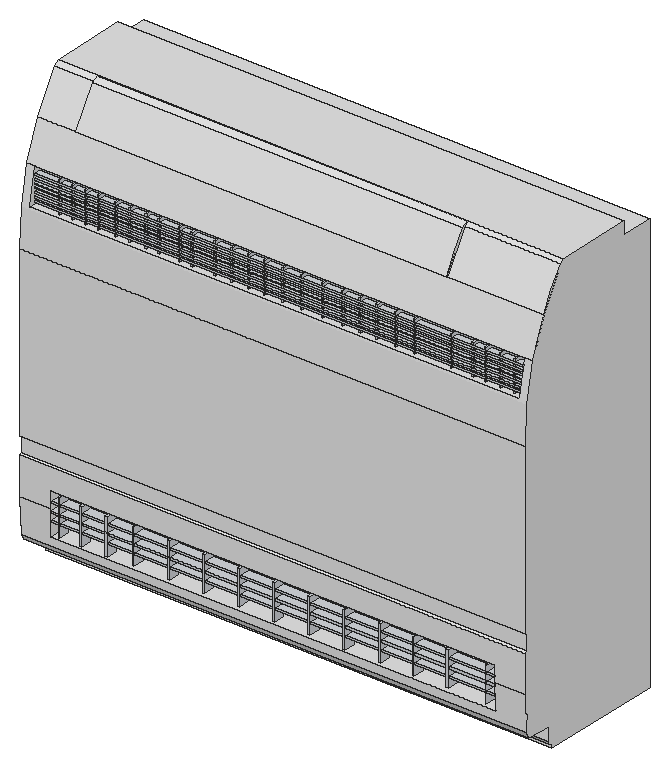
Revit family "GMV-ND07、09、12、18CA-T(U)", category 机械设备, Revit 2014
Parameters (values of type "GMV-ND18C/A-T(U)")
  壳体 = 外壳体
  liquid pipe（mm） = 6.4 mm
  gas pipe（mm） = 12.7 mm
  drain pipe（mm） = 28 mm
  Width（mm） = 214.921 mm
  Length（mm） = 700 mm
  Height（mm） = 599.997 mm
  Heating Capacity = 5800 W
  Cooling capacity = 5300 W
Types (5, lengths in mm): name | gas pipe（mm） | Heating Capacity | Cooling capacity
  (no name) | 12.7 | 5800 W | 5300 W
  GMV-ND07C/A-T(U) | 9.5 | 2500 W | 2200 W
  GMV-ND09C/A-T(U) | 9.5 | 3200 W | 2800 W
  GMV-ND12C/A-T(U) | 12.7 | 4000 W | 3500 W
  GMV-ND18C/A-T(U) | 12.7 | 5800 W | 5300 W
Reference planes
  plane 1 "中心(前/后)": y = 0
  plane 2: z = 0
  plane 3 "中心(左/右)": x = 0
Forms (mm)
  Extrusion 1, solid, material "外壳体"
    sketch origin (-349.982, 0, 0) x (0, 1, 0) y (0, 0, 1)
      loop
        line (0, 582.695) -> (-45, 582.695) -> (-45, 599.997) -> (-148.308, 598.194) -> (-154.086, 594.441)
        spline (-154.086, 594.441) -> (-157.078, 590.213) -> (-159.978, 585.989) -> (-162.788, 581.77) -> (-165.507, 577.556) -> (-168.136, 573.346) -> (-170.673, 569.14) -> (-173.12, 564.94) -> (-175.475, 560.744) -> (-177.74, 556.552) -> (-179.914, 552.365) -> (-181.998, 548.183) -> (-183.99, 544.005)
        spline (-183.99, 544.005) -> (-185.825, 539.831) -> (-187.608, 535.67) -> (-189.337, 531.524) -> (-191.014, 527.392) -> (-192.637, 523.274) -> (-194.208, 519.171) -> (-195.725, 515.081) -> (-197.19, 511.006) -> (-198.602, 506.946) -> (-199.96, 502.899) -> (-201.266, 498.867) -> (-202.519, 494.849)
        arc (-202.519, 494.849) -> (-211.933, 444.738) -> (-214.921, 393.837) r 401.547
        line (-214.921, 393.837) -> (-214.921, 85.982)
        arc (-214.921, 85.982) -> (-214.355, 61.819) -> (-212.658, 37.71) r 515.998
        line (-212.658, 37.71) -> (-208.492, 30.494) -> (-175.258, 28.901) -> (-175.258, 10.238)
        arc (-175.258, 10.238) -> (-174.232, 7.763) -> (-171.757, 6.737) r 3.501
        line (-171.757, 6.737) -> (-170, 6.737) -> (-170, 0) -> (0, 0) -> (0, 582.695)
    from 0 to 700
  Extrusion 2, void
    sketch origin (0, 0, 0) x (1, 0, 0) y (0, 0, 1)
      loop
        line (-307.62, 108.813) -> (-307.62, 51.086) -> (307.38, 51.086) -> (307.38, 108.813) -> (-307.62, 108.813)
    from 99.876 to 218.388
  Extrusion 3, solid
    sketch origin (0, 0, 0) x (1, 0, 0) y (0, 0, 1)
      loop
        line (-306.827, 95.803) -> (-306.827, 93.041) -> (307.38, 93.041) -> (307.38, 95.803) -> (-306.827, 95.803)
      loop
        line (-306.827, 84.256) -> (-306.827, 80.949) -> (307.38, 80.949) -> (307.38, 84.256) -> (-306.827, 84.256)
      loop
        line (-306.827, 72.287) -> (-306.827, 69.828) -> (307.38, 69.828) -> (307.38, 72.287) -> (-306.827, 72.287)
    from 200.604 to 214.921
  Extrusion 4, solid
    sketch origin (0, 0, 0) x (1, 0, 0) y (0, 0, 1)
      loop
        line (-296.262, 103.942) -> (-296.262, 53.928) -> (-294.828, 53.928) -> (-294.828, 103.942) -> (-296.262, 103.942)
      loop
        line (-266.943, 103.942) -> (-266.943, 53.928) -> (-264.756, 53.928) -> (-264.756, 103.942) -> (-266.943, 103.942)
      loop
        line (-231.948, 103.942) -> (-231.948, 53.928) -> (-228.93, 53.928) -> (-228.93, 103.942) -> (-231.948, 103.942)
      loop
        line (-194.25, 103.942) -> (-194.25, 55.912) -> (-191.75, 55.912) -> (-191.75, 103.942) -> (-194.25, 103.942)
      loop
        line (-145.839, 103.942) -> (-145.839, 55.912) -> (-142.8, 55.912) -> (-142.8, 103.942) -> (-145.839, 103.942)
      loop
        line (-97, 103.942) -> (-97, 55.912) -> (-94.5, 55.912) -> (-94.5, 103.942) -> (-97, 103.942)
      loop
        line (294.7, 103.395) -> (294.7, 55.887) -> (295.705, 55.887) -> (295.705, 103.395) -> (294.7, 103.395)
      loop
        line (146.394, 103.395) -> (146.394, 55.887) -> (149.775, 55.887) -> (149.775, 103.395) -> (146.394, 103.395)
      loop
        line (97.5, 103.395) -> (97.5, 54.461) -> (100.463, 54.461) -> (100.463, 103.395) -> (97.5, 103.395)
      loop
        line (48.661, 103.395) -> (48.661, 55.887) -> (51.795, 55.887) -> (51.795, 103.395) -> (48.661, 103.395)
      loop
        line (0, 103.395) -> (0, 54.461) -> (2.75, 54.461) -> (2.75, 103.395) -> (0, 103.395)
      loop
        line (-48.589, 103.395) -> (-48.589, 56.907) -> (-45.558, 56.907) -> (-45.558, 103.395) -> (-48.589, 103.395)
      loop
        line (193.543, 103.395) -> (193.543, 55.887) -> (195.957, 55.887) -> (195.957, 103.395) -> (193.543, 103.395)
      loop
        line (239.998, 103.942) -> (239.998, 56.907) -> (243.455, 56.907) -> (243.455, 103.942) -> (239.998, 103.942)
    from 200.604 to 214.921
  Extrusion 5, void
    sketch origin (0, 0, 0) x (1, 0, 0) y (0, 0, 1)
      loop
        line (-339.209, 494.849) -> (-339.209, 447.601) -> (338.89, 447.601) -> (338.89, 494.849) -> (-339.209, 494.849)
    from 93.876 to 221.632
  Extrusion 6, solid
    sketch origin (0, 0, 0) x (1, 0, 0) y (0, 0, 1)
      loop
        line (-339.209, 486.799) -> (-339.209, 484.669) -> (338.89, 484.669) -> (338.89, 486.799) -> (-339.209, 486.799)
    from 195.643 to 205.086
  Extrusion 7, solid
    sketch origin (0, 0, -5.803) x (1, 0, 0) y (0, 0, 1)
      loop
        line (-339.209, 486.799) -> (-339.209, 484.669) -> (338.89, 484.669) -> (338.89, 486.799) -> (-339.209, 486.799)
    from 195.643 to 205.086
  Extrusion 8, solid
    sketch origin (0, 0, -11.302) x (1, 0, 0) y (0, 0, 1)
      loop
        line (-339.209, 486.799) -> (-339.209, 484.669) -> (338.89, 484.669) -> (338.89, 486.799) -> (-339.209, 486.799)
    from 195.643 to 205.086
  Extrusion 9, solid
    sketch origin (0, 0, -16.522) x (1, 0, 0) y (0, 0, 1)
      loop
        line (-339.209, 486.799) -> (-339.209, 484.669) -> (338.89, 484.669) -> (338.89, 486.799) -> (-339.209, 486.799)
    from 195.643 to 205.086
  Extrusion 10, solid
    sketch origin (0, 0, -22.298) x (1, 0, 0) y (0, 0, 1)
      loop
        line (-339.209, 486.799) -> (-339.209, 484.669) -> (338.89, 484.669) -> (338.89, 486.799) -> (-339.209, 486.799)
    from 195.643 to 205.086
  Extrusion 11, solid
    sketch origin (0, 0, -27.797) x (1, 0, 0) y (0, 0, 1)
      loop
        line (-339.209, 486.799) -> (-339.209, 484.669) -> (338.89, 484.669) -> (338.89, 486.799) -> (-339.209, 486.799)
    from 195.643 to 205.086
  Extrusion 12, solid
    sketch origin (0, 0, -33.022) x (1, 0, 0) y (0, 0, 1)
      loop
        line (-339.209, 486.799) -> (-339.209, 484.669) -> (338.89, 484.669) -> (338.89, 486.799) -> (-339.209, 486.799)
    from 195.643 to 205.086
  Extrusion 13, solid
    sketch origin (0, 0, 0) x (1, 0, 0) y (0, 0, 1)
      loop
        line (-305.65, 489.976) -> (-305.65, 447.601) -> (-303.66, 447.601) -> (-303.66, 489.976) -> (-305.65, 489.976)
    from 100 to 203.841
  Extrusion 14, solid
    sketch origin (18, 0, 0) x (1, 0, 0) y (0, 0, 1)
      loop
        line (-305.65, 489.976) -> (-305.65, 447.601) -> (-303.66, 447.601) -> (-303.66, 489.976) -> (-305.65, 489.976)
    from 100 to 203.841
  Extrusion 15, solid
    sketch origin (36.329, 0, 0) x (1, 0, 0) y (0, 0, 1)
      loop
        line (-305.65, 489.976) -> (-305.65, 447.601) -> (-303.66, 447.601) -> (-303.66, 489.976) -> (-305.65, 489.976)
    from 100 to 203.841
  Extrusion 16, solid
    sketch origin (54.612, 0, 0) x (1, 0, 0) y (0, 0, 1)
      loop
        line (-305.65, 489.976) -> (-305.65, 447.601) -> (-303.66, 447.601) -> (-303.66, 489.976) -> (-305.65, 489.976)
    from 100 to 203.841
  Extrusion 17, solid
    sketch origin (77.993, 0, 0) x (1, 0, 0) y (0, 0, 1)
      loop
        line (-305.65, 489.976) -> (-305.65, 447.601) -> (-303.66, 447.601) -> (-303.66, 489.976) -> (-305.65, 489.976)
    from 100 to 203.841
  Extrusion 18, solid
    sketch origin (97.993, 0, 0) x (1, 0, 0) y (0, 0, 1)
      loop
        line (-305.65, 489.976) -> (-305.65, 447.601) -> (-303.66, 447.601) -> (-303.66, 489.976) -> (-305.65, 489.976)
    from 100 to 203.841
  Extrusion 19, solid
    sketch origin (119.727, 0, 0) x (1, 0, 0) y (0, 0, 1)
      loop
        line (-305.65, 489.976) -> (-305.65, 447.601) -> (-303.66, 447.601) -> (-303.66, 489.976) -> (-305.65, 489.976)
    from 100 to 203.841
  Extrusion 20, solid
    sketch origin (137.799, 0, 0) x (1, 0, 0) y (0, 0, 1)
      loop
        line (-305.65, 489.976) -> (-305.65, 447.601) -> (-303.66, 447.601) -> (-303.66, 489.976) -> (-305.65, 489.976)
    from 100 to 203.841
  Extrusion 21, solid
    sketch origin (166.633, 0, 0) x (1, 0, 0) y (0, 0, 1)
      loop
        line (-305.65, 489.976) -> (-305.65, 447.601) -> (-303.66, 447.601) -> (-303.66, 489.976) -> (-305.65, 489.976)
    from 100 to 203.841
  Extrusion 22, solid
    sketch origin (183.965, 0, 0) x (1, 0, 0) y (0, 0, 1)
      loop
        line (-305.65, 489.976) -> (-305.65, 447.601) -> (-303.66, 447.601) -> (-303.66, 489.976) -> (-305.65, 489.976)
    from 100 to 203.841
  Extrusion 23, solid
    sketch origin (215.454, 0, 0) x (1, 0, 0) y (0, 0, 1)
      loop
        line (-305.65, 489.976) -> (-305.65, 447.601) -> (-303.66, 447.601) -> (-303.66, 489.976) -> (-305.65, 489.976)
    from 100 to 203.841
  Extrusion 24, solid
    sketch origin (238.836, 0, 0) x (1, 0, 0) y (0, 0, 1)
      loop
        line (-305.65, 489.976) -> (-305.65, 447.601) -> (-303.66, 447.601) -> (-303.66, 489.976) -> (-305.65, 489.976)
    from 100 to 203.841
  Extrusion 25, solid
    sketch origin (261.904, 0, 0) x (1, 0, 0) y (0, 0, 1)
      loop
        line (-305.65, 489.976) -> (-305.65, 447.601) -> (-303.66, 447.601) -> (-303.66, 489.976) -> (-305.65, 489.976)
    from 100 to 203.841
  Extrusion 26, solid
    sketch origin (284.484, 0, 0) x (1, 0, 0) y (0, 0, 1)
      loop
        line (-305.65, 489.976) -> (-305.65, 447.601) -> (-303.66, 447.601) -> (-303.66, 489.976) -> (-305.65, 489.976)
    from 100 to 203.841
  Extrusion 27, solid
    sketch origin (309.475, 0, 0) x (1, 0, 0) y (0, 0, 1)
      loop
        line (-305.65, 489.976) -> (-305.65, 447.601) -> (-303.66, 447.601) -> (-303.66, 489.976) -> (-305.65, 489.976)
    from 100 to 203.841
  Extrusion 28, solid
    sketch origin (335.161, 0, 0) x (1, 0, 0) y (0, 0, 1)
      loop
        line (-305.65, 489.976) -> (-305.65, 447.601) -> (-303.66, 447.601) -> (-303.66, 489.976) -> (-305.65, 489.976)
    from 100 to 203.841
  Extrusion 29, solid
    sketch origin (364.216, 0, 0) x (1, 0, 0) y (0, 0, 1)
      loop
        line (-305.65, 489.976) -> (-305.65, 447.601) -> (-303.66, 447.601) -> (-303.66, 489.976) -> (-305.65, 489.976)
    from 100 to 203.841
  Extrusion 30, solid
    sketch origin (392.148, 0, 0) x (1, 0, 0) y (0, 0, 1)
      loop
        line (-305.65, 489.976) -> (-305.65, 447.601) -> (-303.66, 447.601) -> (-303.66, 489.976) -> (-305.65, 489.976)
    from 100 to 203.841
  Extrusion 31, solid
    sketch origin (416.643, 0, 0) x (1, 0, 0) y (0, 0, 1)
      loop
        line (-305.65, 489.976) -> (-305.65, 447.601) -> (-303.66, 447.601) -> (-303.66, 489.976) -> (-305.65, 489.976)
    from 100 to 203.841
  Extrusion 32, solid
    sketch origin (439.662, 0, 0) x (1, 0, 0) y (0, 0, 1)
      loop
        line (-305.65, 489.976) -> (-305.65, 447.601) -> (-303.66, 447.601) -> (-303.66, 489.976) -> (-305.65, 489.976)
    from 100 to 203.841
  Extrusion 33, solid
    sketch origin (465.831, 0, 0) x (1, 0, 0) y (0, 0, 1)
      loop
        line (-305.65, 489.976) -> (-305.65, 447.601) -> (-303.66, 447.601) -> (-303.66, 489.976) -> (-305.65, 489.976)
    from 100 to 203.841
  Extrusion 34, solid
    sketch origin (491.955, 0, 0) x (1, 0, 0) y (0, 0, 1)
      loop
        line (-305.65, 489.976) -> (-305.65, 447.601) -> (-303.66, 447.601) -> (-303.66, 489.976) -> (-305.65, 489.976)
    from 100 to 203.841
  Extrusion 35, solid
    sketch origin (543.202, 0, 0) x (1, 0, 0) y (0, 0, 1)
      loop
        line (-305.65, 489.976) -> (-305.65, 447.601) -> (-303.66, 447.601) -> (-303.66, 489.976) -> (-305.65, 489.976)
    from 100 to 203.841
  Extrusion 36, solid
    sketch origin (572.819, 0, 0) x (1, 0, 0) y (0, 0, 1)
      loop
        line (-305.65, 489.976) -> (-305.65, 447.601) -> (-303.66, 447.601) -> (-303.66, 489.976) -> (-305.65, 489.976)
    from 100 to 203.841
  Extrusion 37, solid
    sketch origin (590.575, 0, 0) x (1, 0, 0) y (0, 0, 1)
      loop
        line (-305.65, 489.976) -> (-305.65, 447.601) -> (-303.66, 447.601) -> (-303.66, 489.976) -> (-305.65, 489.976)
    from 100 to 203.841
  Extrusion 38, solid
    sketch origin (610.825, 0, 0) x (1, 0, 0) y (0, 0, 1)
      loop
        line (-305.65, 489.976) -> (-305.65, 447.601) -> (-303.66, 447.601) -> (-303.66, 489.976) -> (-305.65, 489.976)
    from 100 to 203.841
  Extrusion 39, solid
    sketch origin (630.825, 0, 0) x (1, 0, 0) y (0, 0, 1)
      loop
        line (-305.65, 489.976) -> (-305.65, 447.601) -> (-303.66, 447.601) -> (-303.66, 489.976) -> (-305.65, 489.976)
    from 100 to 203.841
  Extrusion 40, solid, material "外壳体"
    sketch origin (0, 0, 0) x (0, 1, 0) y (0, 0, 1)
      loop
        line (-148.308, 598.194) -> (-156.969, 593.194)
        spline (-156.969, 593.194) -> (-159.732, 589.25) -> (-162.426, 585.299) -> (-165.051, 581.34) -> (-167.607, 577.373) -> (-170.093, 573.399) -> (-172.51, 569.417) -> (-174.857, 565.428) -> (-177.136, 561.431) -> (-179.345, 557.426) -> (-181.484, 553.414) -> (-183.554, 549.394) -> (-185.555, 545.366)
        line (-185.555, 545.366) -> (-180.851, 544.106)
        spline (-180.851, 544.106) -> (-178.763, 548.464) -> (-176.562, 552.849) -> (-174.248, 557.261) -> (-171.82, 561.701) -> (-169.278, 566.167) -> (-166.623, 570.661) -> (-163.854, 575.182) -> (-160.972, 579.73) -> (-157.977, 584.305) -> (-154.867, 588.908) -> (-151.645, 593.537) -> (-148.308, 598.194)
    from -296 to 217
  Extrusion 41, void
    sketch origin (0, 0, 0) x (0, 1, 0) y (0, 0, 1)
      loop
        line (-214.921, 162.039) -> (-214.921, 137.512) -> (-211.972, 139.645) -> (-211.972, 162.039) -> (-214.921, 162.039)
    from -349.982 to 350.018
Cuts and joins
  Extrusion 2, Extrusion 5, Extrusion 41 cuts Extrusion 1
Dimensions and locks
  "Length（mm）": cut or joined group of Extrusion 1, Extrusion 2, Extrusion 5, Extrusion 41 to cut or joined group of Extrusion 1, Extrusion 2, Extrusion 5, Extrusion 41
  "Height（mm）": cut or joined group of Extrusion 1, Extrusion 2, Extrusion 5, Extrusion 41 to cut or joined group of Extrusion 1, Extrusion 2, Extrusion 5, Extrusion 41
  "Width（mm）": cut or joined group of Extrusion 1, Extrusion 2, Extrusion 5, Extrusion 41 to cut or joined group of Extrusion 1, Extrusion 2, Extrusion 5, Extrusion 41
  aligned and locked: level to plane 2
Automatic sketch dimensions
  Extrusion 1 sketch curve to level = 0 mm
  Extrusion 1 sketch curve to plane 1 "中心(前/后)" = 0 mm
  plane 1 "中心(前/后)" to Extrusion 1 sketch curve = 45 mm
  Extrusion 1 sketch curve to Extrusion 1 sketch curve = 103.308 mm
  Extrusion 1 sketch curve to Extrusion 1 sketch curve = 5.778 mm
  level to Extrusion 1 sketch curve = 6.737 mm
  plane 1 "中心(前/后)" to Extrusion 1 sketch curve = 170 mm
  Extrusion 1 sketch curve to Extrusion 1 sketch curve = 1.757 mm
  Extrusion 1 sketch curve to Extrusion 1 sketch curve = 3.501 mm
  Extrusion 1 sketch curve to Extrusion 1 sketch curve = 29.904 mm
  Extrusion 1 sketch curve to Extrusion 1 sketch curve = 18.529 mm
  level to Extrusion 1 sketch curve = 30.494 mm
  Extrusion 1 sketch curve to Extrusion 1 sketch curve = 33.235 mm
  level to Extrusion 1 sketch curve = 37.71 mm
  Extrusion 1 sketch curve to Extrusion 1 sketch curve = 4.166 mm
  Extrusion 1 sketch curve to Extrusion 1 sketch curve = 12.403 mm
  Extrusion 1 sketch curve to plane 1 "中心(前/后)" = 186.62 mm
  level to Extrusion 1 sketch curve = 85.982 mm
  Extrusion 1 sketch curve to Extrusion 1 sketch curve = 18.663 mm
  Extrusion 1 sketch curve to Extrusion 1 sketch curve = 307.856 mm
  Extrusion 1 sketch curve to Extrusion 1 sketch curve = 309.82 mm
  Extrusion 1 sketch curve to Extrusion 1 sketch curve = 49.156 mm
  Extrusion 1 sketch curve to Extrusion 1 sketch curve = 38.69 mm
  Extrusion 1 sketch curve to Extrusion 1 sketch curve = 50.436 mm
  Extrusion 1 sketch curve to Extrusion 1 sketch curve = 3.752 mm
  Extrusion 1 sketch curve to Extrusion 1 sketch curve = 17.301 mm
  level to Extrusion 2 sketch curve = 108.813 mm
  Extrusion 2 sketch curve to plane 3 "中心(左/右)" = 307.62 mm
  level to Extrusion 2 sketch curve = 51.086 mm
  plane 3 "中心(左/右)" to Extrusion 2 sketch curve = 307.38 mm
  level to Extrusion 3 sketch curve = 95.803 mm
  Extrusion 3 sketch curve to plane 3 "中心(左/右)" = 306.827 mm
  Extrusion 3 sketch curve to Extrusion 3 sketch curve = 0 mm  (x4)
  level to Extrusion 3 sketch curve = 80.949 mm
  plane 3 "中心(左/右)" to Extrusion 3 sketch curve = 307.38 mm
  Extrusion 3 sketch curve to Extrusion 3 sketch curve = 8.662 mm
  Extrusion 3 sketch curve to Extrusion 3 sketch curve = 2.459 mm
  Extrusion 3 sketch curve to Extrusion 3 sketch curve = 3.307 mm
  Extrusion 3 sketch curve to Extrusion 3 sketch curve = 2.762 mm
  Extrusion 4 sketch curve to plane 3 "中心(左/右)" = 0 mm
  Extrusion 4 sketch curve to plane 3 "中心(左/右)" = 45.558 mm
  Extrusion 4 sketch curve to Extrusion 4 sketch curve = 3.031 mm
  Extrusion 4 sketch curve to Extrusion 4 sketch curve = 45.911 mm  (x3)
  Extrusion 4 sketch curve to Extrusion 4 sketch curve = 2.5 mm  (x2)
  Extrusion 4 sketch curve to Extrusion 4 sketch curve = 45.8 mm
  Extrusion 4 sketch curve to Extrusion 4 sketch curve = 3.04 mm
  Extrusion 4 sketch curve to Extrusion 4 sketch curve = 34.68 mm
  Extrusion 4 sketch curve to Extrusion 4 sketch curve = 3.018 mm
  Extrusion 4 sketch curve to Extrusion 4 sketch curve = 32.808 mm
  Extrusion 4 sketch curve to Extrusion 4 sketch curve = 2.187 mm
  Extrusion 4 sketch curve to Extrusion 4 sketch curve = 27.885 mm
  Extrusion 4 sketch curve to Extrusion 4 sketch curve = 1.435 mm
  plane 3 "中心(左/右)" to Extrusion 4 sketch curve = 2.75 mm
  Extrusion 4 sketch curve to Extrusion 4 sketch curve = 3.135 mm
  Extrusion 4 sketch curve to Extrusion 4 sketch curve = 45.705 mm
  Extrusion 4 sketch curve to Extrusion 4 sketch curve = 2.963 mm
  Extrusion 4 sketch curve to Extrusion 4 sketch curve = 45.931 mm
  Extrusion 4 sketch curve to Extrusion 4 sketch curve = 3.381 mm
  Extrusion 4 sketch curve to Extrusion 4 sketch curve = 43.769 mm
  Extrusion 4 sketch curve to Extrusion 4 sketch curve = 2.414 mm
  Extrusion 4 sketch curve to Extrusion 4 sketch curve = 44.041 mm
  Extrusion 4 sketch curve to Extrusion 4 sketch curve = 3.456 mm
  Extrusion 4 sketch curve to Extrusion 4 sketch curve = 51.245 mm
  Extrusion 4 sketch curve to Extrusion 4 sketch curve = 1.005 mm
  level to Extrusion 4 sketch curve = 53.928 mm  (x2)
  Extrusion 4 sketch curve to Extrusion 4 sketch curve = 0 mm  (x11)
  level to Extrusion 4 sketch curve = 54.461 mm  (x2)
  level to Extrusion 4 sketch curve = 55.887 mm  (x2)
  Extrusion 4 sketch curve to Extrusion 4 sketch curve = 1.426 mm
  level to Extrusion 4 sketch curve = 55.912 mm
  Extrusion 4 sketch curve to Extrusion 4 sketch curve = 1.983 mm
  Extrusion 4 sketch curve to Extrusion 4 sketch curve = 0.996 mm
  Extrusion 4 sketch curve to Extrusion 4 sketch curve = 1.02 mm
  Extrusion 4 sketch curve to Extrusion 4 sketch curve = 47.508 mm  (x3)
  Extrusion 4 sketch curve to Extrusion 4 sketch curve = 46.487 mm
  Extrusion 4 sketch curve to Extrusion 4 sketch curve = 0.547 mm  (x2)
  Extrusion 5 sketch curve to plane 3 "中心(左/右)" = 339.209 mm
  plane 3 "中心(左/右)" to Extrusion 5 sketch curve = 338.89 mm
  level to Extrusion 5 sketch curve = 447.601 mm
  Extrusion 5 sketch curve to Extrusion 5 sketch curve = 47.249 mm
  Extrusion 6 sketch curve to plane 3 "中心(左/右)" = 339.209 mm
  plane 3 "中心(左/右)" to Extrusion 6 sketch curve = 338.89 mm
  level to Extrusion 6 sketch curve = 484.669 mm
  Extrusion 6 sketch curve to Extrusion 6 sketch curve = 2.13 mm
  Extrusion 7 sketch curve to plane 3 "中心(左/右)" = 339.209 mm
  plane 3 "中心(左/右)" to Extrusion 7 sketch curve = 338.89 mm
  level to Extrusion 7 sketch curve = 478.866 mm
  Extrusion 7 sketch curve to Extrusion 7 sketch curve = 2.13 mm
  Extrusion 8 sketch curve to plane 3 "中心(左/右)" = 339.209 mm
  plane 3 "中心(左/右)" to Extrusion 8 sketch curve = 338.89 mm
  level to Extrusion 8 sketch curve = 473.367 mm
  Extrusion 8 sketch curve to Extrusion 8 sketch curve = 2.13 mm
  Extrusion 9 sketch curve to plane 3 "中心(左/右)" = 339.209 mm
  plane 3 "中心(左/右)" to Extrusion 9 sketch curve = 338.89 mm
  level to Extrusion 9 sketch curve = 468.147 mm
  Extrusion 9 sketch curve to Extrusion 9 sketch curve = 2.13 mm
  Extrusion 10 sketch curve to plane 3 "中心(左/右)" = 339.209 mm
  plane 3 "中心(左/右)" to Extrusion 10 sketch curve = 338.89 mm
  level to Extrusion 10 sketch curve = 462.371 mm
  Extrusion 10 sketch curve to Extrusion 10 sketch curve = 2.13 mm
  Extrusion 11 sketch curve to plane 3 "中心(左/右)" = 339.209 mm
  plane 3 "中心(左/右)" to Extrusion 11 sketch curve = 338.89 mm
  level to Extrusion 11 sketch curve = 456.872 mm
  Extrusion 11 sketch curve to Extrusion 11 sketch curve = 2.13 mm
  Extrusion 12 sketch curve to plane 3 "中心(左/右)" = 339.209 mm
  plane 3 "中心(左/右)" to Extrusion 12 sketch curve = 338.89 mm
  level to Extrusion 12 sketch curve = 451.647 mm
  Extrusion 12 sketch curve to Extrusion 12 sketch curve = 2.13 mm
  Extrusion 13 sketch curve to plane 3 "中心(左/右)" = 305.65 mm
  Extrusion 13 sketch curve to Extrusion 13 sketch curve = 1.99 mm
  level to Extrusion 13 sketch curve = 447.601 mm
  Extrusion 13 sketch curve to Extrusion 13 sketch curve = 42.375 mm
  Extrusion 14 sketch curve to plane 3 "中心(左/右)" = 287.649 mm
  Extrusion 14 sketch curve to Extrusion 14 sketch curve = 1.99 mm
  level to Extrusion 14 sketch curve = 447.601 mm
  Extrusion 14 sketch curve to Extrusion 14 sketch curve = 42.375 mm
  Extrusion 15 sketch curve to plane 3 "中心(左/右)" = 269.321 mm
  Extrusion 15 sketch curve to Extrusion 15 sketch curve = 1.99 mm
  level to Extrusion 15 sketch curve = 447.601 mm
  Extrusion 15 sketch curve to Extrusion 15 sketch curve = 42.375 mm
  Extrusion 16 sketch curve to plane 3 "中心(左/右)" = 251.037 mm
  Extrusion 16 sketch curve to Extrusion 16 sketch curve = 1.99 mm
  level to Extrusion 16 sketch curve = 447.601 mm
  Extrusion 16 sketch curve to Extrusion 16 sketch curve = 42.375 mm
  Extrusion 17 sketch curve to plane 3 "中心(左/右)" = 227.656 mm
  Extrusion 17 sketch curve to Extrusion 17 sketch curve = 1.99 mm
  level to Extrusion 17 sketch curve = 447.601 mm
  Extrusion 17 sketch curve to Extrusion 17 sketch curve = 42.375 mm
  Extrusion 18 sketch curve to plane 3 "中心(左/右)" = 207.656 mm
  Extrusion 18 sketch curve to Extrusion 18 sketch curve = 1.99 mm
  level to Extrusion 18 sketch curve = 447.601 mm
  Extrusion 18 sketch curve to Extrusion 18 sketch curve = 42.375 mm
  Extrusion 19 sketch curve to plane 3 "中心(左/右)" = 185.923 mm
  Extrusion 19 sketch curve to Extrusion 19 sketch curve = 1.99 mm
  level to Extrusion 19 sketch curve = 447.601 mm
  Extrusion 19 sketch curve to Extrusion 19 sketch curve = 42.375 mm
  Extrusion 20 sketch curve to plane 3 "中心(左/右)" = 167.851 mm
  Extrusion 20 sketch curve to Extrusion 20 sketch curve = 1.99 mm
  level to Extrusion 20 sketch curve = 447.601 mm
  Extrusion 20 sketch curve to Extrusion 20 sketch curve = 42.375 mm
  Extrusion 21 sketch curve to plane 3 "中心(左/右)" = 139.016 mm
  Extrusion 21 sketch curve to Extrusion 21 sketch curve = 1.99 mm
  level to Extrusion 21 sketch curve = 447.601 mm
  Extrusion 21 sketch curve to Extrusion 21 sketch curve = 42.375 mm
  Extrusion 22 sketch curve to plane 3 "中心(左/右)" = 121.685 mm
  Extrusion 22 sketch curve to Extrusion 22 sketch curve = 1.99 mm
  level to Extrusion 22 sketch curve = 447.601 mm
  Extrusion 22 sketch curve to Extrusion 22 sketch curve = 42.375 mm
  Extrusion 23 sketch curve to plane 3 "中心(左/右)" = 90.195 mm
  Extrusion 23 sketch curve to Extrusion 23 sketch curve = 1.99 mm
  level to Extrusion 23 sketch curve = 447.601 mm
  Extrusion 23 sketch curve to Extrusion 23 sketch curve = 42.375 mm
  Extrusion 24 sketch curve to plane 3 "中心(左/右)" = 66.814 mm
  Extrusion 24 sketch curve to Extrusion 24 sketch curve = 1.99 mm
  level to Extrusion 24 sketch curve = 447.601 mm
  Extrusion 24 sketch curve to Extrusion 24 sketch curve = 42.375 mm
  Extrusion 25 sketch curve to plane 3 "中心(左/右)" = 43.746 mm
  Extrusion 25 sketch curve to Extrusion 25 sketch curve = 1.99 mm
  level to Extrusion 25 sketch curve = 447.601 mm
  Extrusion 25 sketch curve to Extrusion 25 sketch curve = 42.375 mm
  Extrusion 26 sketch curve to plane 3 "中心(左/右)" = 21.166 mm
  Extrusion 26 sketch curve to Extrusion 26 sketch curve = 1.99 mm
  level to Extrusion 26 sketch curve = 447.601 mm
  Extrusion 26 sketch curve to Extrusion 26 sketch curve = 42.375 mm
  plane 3 "中心(左/右)" to Extrusion 27 sketch curve = 3.826 mm
  Extrusion 27 sketch curve to Extrusion 27 sketch curve = 1.99 mm
  level to Extrusion 27 sketch curve = 447.601 mm
  Extrusion 27 sketch curve to Extrusion 27 sketch curve = 42.375 mm
  plane 3 "中心(左/右)" to Extrusion 28 sketch curve = 29.512 mm
  Extrusion 28 sketch curve to Extrusion 28 sketch curve = 1.99 mm
  level to Extrusion 28 sketch curve = 447.601 mm
  Extrusion 28 sketch curve to Extrusion 28 sketch curve = 42.375 mm
  plane 3 "中心(左/右)" to Extrusion 29 sketch curve = 58.566 mm
  Extrusion 29 sketch curve to Extrusion 29 sketch curve = 1.99 mm
  level to Extrusion 29 sketch curve = 447.601 mm
  Extrusion 29 sketch curve to Extrusion 29 sketch curve = 42.375 mm
  plane 3 "中心(左/右)" to Extrusion 30 sketch curve = 86.498 mm
  Extrusion 30 sketch curve to Extrusion 30 sketch curve = 1.99 mm
  level to Extrusion 30 sketch curve = 447.601 mm
  Extrusion 30 sketch curve to Extrusion 30 sketch curve = 42.375 mm
  plane 3 "中心(左/右)" to Extrusion 31 sketch curve = 110.993 mm
  Extrusion 31 sketch curve to Extrusion 31 sketch curve = 1.99 mm
  level to Extrusion 31 sketch curve = 447.601 mm
  Extrusion 31 sketch curve to Extrusion 31 sketch curve = 42.375 mm
  plane 3 "中心(左/右)" to Extrusion 32 sketch curve = 134.012 mm
  Extrusion 32 sketch curve to Extrusion 32 sketch curve = 1.99 mm
  level to Extrusion 32 sketch curve = 447.601 mm
  Extrusion 32 sketch curve to Extrusion 32 sketch curve = 42.375 mm
  plane 3 "中心(左/右)" to Extrusion 33 sketch curve = 160.182 mm
  Extrusion 33 sketch curve to Extrusion 33 sketch curve = 1.99 mm
  level to Extrusion 33 sketch curve = 447.601 mm
  Extrusion 33 sketch curve to Extrusion 33 sketch curve = 42.375 mm
  plane 3 "中心(左/右)" to Extrusion 34 sketch curve = 186.305 mm
  Extrusion 34 sketch curve to Extrusion 34 sketch curve = 1.99 mm
  level to Extrusion 34 sketch curve = 447.601 mm
  Extrusion 34 sketch curve to Extrusion 34 sketch curve = 42.375 mm
  plane 3 "中心(左/右)" to Extrusion 35 sketch curve = 237.552 mm
  Extrusion 35 sketch curve to Extrusion 35 sketch curve = 1.99 mm
  level to Extrusion 35 sketch curve = 447.601 mm
  Extrusion 35 sketch curve to Extrusion 35 sketch curve = 42.375 mm
  plane 3 "中心(左/右)" to Extrusion 36 sketch curve = 267.17 mm
  Extrusion 36 sketch curve to Extrusion 36 sketch curve = 1.99 mm
  level to Extrusion 36 sketch curve = 447.601 mm
  Extrusion 36 sketch curve to Extrusion 36 sketch curve = 42.375 mm
  plane 3 "中心(左/右)" to Extrusion 37 sketch curve = 284.925 mm
  Extrusion 37 sketch curve to Extrusion 37 sketch curve = 1.99 mm
  level to Extrusion 37 sketch curve = 447.601 mm
  Extrusion 37 sketch curve to Extrusion 37 sketch curve = 42.375 mm
  plane 3 "中心(左/右)" to Extrusion 38 sketch curve = 305.176 mm
  Extrusion 38 sketch curve to Extrusion 38 sketch curve = 1.99 mm
  level to Extrusion 38 sketch curve = 447.601 mm
  Extrusion 38 sketch curve to Extrusion 38 sketch curve = 42.375 mm
  plane 3 "中心(左/右)" to Extrusion 39 sketch curve = 325.176 mm
  Extrusion 39 sketch curve to Extrusion 39 sketch curve = 1.99 mm
  level to Extrusion 39 sketch curve = 447.601 mm
  Extrusion 39 sketch curve to Extrusion 39 sketch curve = 42.375 mm
  plane 1 "中心(前/后)" to Extrusion 40 sketch curve = 185.555 mm
  Extrusion 40 sketch curve to Extrusion 40 sketch curve = 4.705 mm
  Extrusion 40 sketch curve to Extrusion 40 sketch curve = 23.882 mm
  Extrusion 40 sketch curve to Extrusion 40 sketch curve = 8.66 mm
  level to Extrusion 40 sketch curve = 544.106 mm
  Extrusion 40 sketch curve to Extrusion 40 sketch curve = 1.261 mm
  Extrusion 40 sketch curve to Extrusion 40 sketch curve = 49.088 mm
  Extrusion 40 sketch curve to Extrusion 40 sketch curve = 5 mm
  plane 1 "中心(前/后)" to Extrusion 41 sketch curve = 214.921 mm
  Extrusion 41 sketch curve to Extrusion 41 sketch curve = 2.949 mm
  level to Extrusion 41 sketch curve = 137.512 mm
  Extrusion 41 sketch curve to Extrusion 41 sketch curve = 2.133 mm
  Extrusion 41 sketch curve to Extrusion 41 sketch curve = 22.394 mm
